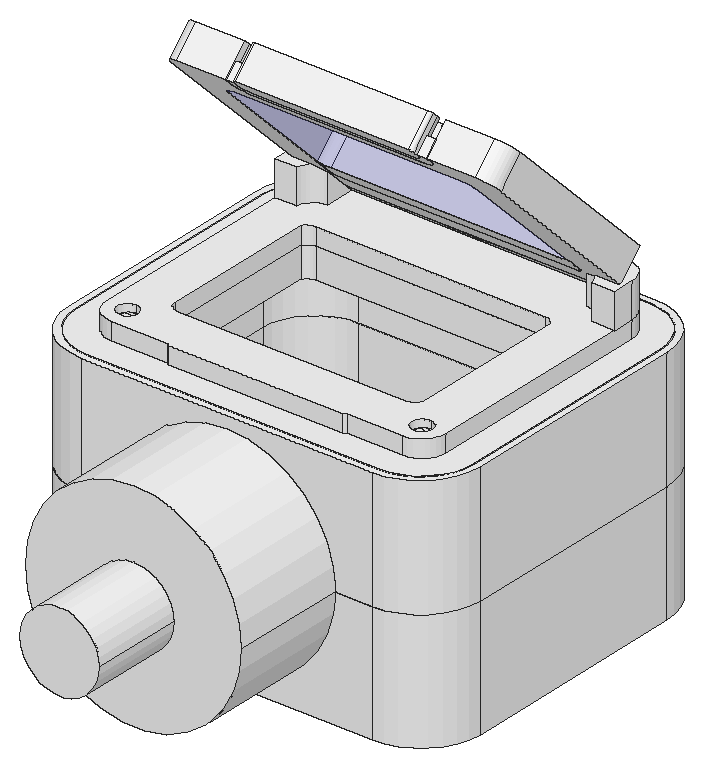
Revit family "Domotics-SerieCivili-GEWISS-27COMBI_SYSTEM-IP55_TESTA_PALO", category Apparecchi elettrici, host Superficie, Revit 2016 (continued)
Definition of nested family "SYSTEM CONTENITORI IP55 3P TESTAPALO_BASE"
  Automatic sketch dimensions
    curve 317 to curve 261 = 1.5 mm
    curve 261 to curve 263 = 5.7 mm
    curve 263 to curve 264 = 8.8 mm
    curve 233 to curve 284 = 42.67 mm
    curve 264 to curve 265 = 8.8 mm
    curve 265 to curve 266 = 8.8 mm
    curve 266 to curve 267 = 8.8 mm
    curve 267 to curve 259 = 5.7 mm
    curve 259 to curve 319 = 1.5 mm
    curve 259 to curve 255 = 2 mm
    curve 319 to curve 307 = 8.437 mm
    curve 314 to curve 308 = 0 mm
    curve 314 to curve 286 = 4.575 mm
    curve 307 to curve 296 = 5 mm
    curve 286 to curve 237 = 4.425 mm
    curve 237 to curve 238 = 0.029 mm
    curve 235 to curve 257 = 0.263 mm
    curve 238 to curve 247 = 0.235 mm
    curve 235 to curve 294 = 0.5 mm
    curve 294 to curve 297 = 0.263 mm
    curve 247 to curve 288 = 0.5 mm
    curve 294 to curve 292 = 3.7 mm
    curve 230 to curve 238 = 3.567 mm
    curve 285 to curve 284 = 2.9 mm
    curve 280 to curve 284 = 2.901 mm
    curve 282 to curve 281 = 2 mm
    curve 289 to curve 288 = 1.728 mm
    curve 290 to curve 288 = 1.276 mm
    curve 283 to curve 249 = 1.05 mm
    curve 241 to curve 232 = 1.067 mm
    curve 281 to curve 283 = 0.55 mm
    curve 237 to curve 290 = 0.607 mm
    curve 288 to curve 289 = 1.728 mm
    curve 232 to curve 282 = 1.331 mm
    curve 283 to curve 279 = 2.705 mm
    curve 290 to curve 286 = 1.176 mm
    curve 313 to curve 312 = 3 mm
    curve 282 to curve 278 = 4.833 mm
    curve 278 to curve 277 = 0.169 mm
    curve 277 to curve 278 = 0.029 mm
    curve 286 to curve 286 = 0.325 mm
    curve 286 to curve 291 = 0.15 mm
    curve 291 to curve 287 = 0.032 mm
    curve 308 to curve 308 = 3.5 mm
    curve 308 to curve 308 = 1.697 mm
    curve 310 to curve 311 = 1.697 mm
    curve 309 to curve 308 = 0.5 mm
    curve 302 to curve 304 = 0.5 mm
    curve 304 to curve 301 = 2.5 mm
    curve 273 to curve 272 = 1 mm
    curve 293 to curve 257 = 2.831 mm
    curve 293 to curve 298 = 1.331 mm
    curve 319 to curve 319 = 4.5 mm
    curve 271 to curve 275 = 1.701 mm
    curve 244 to curve 235 = 1.102 mm
    curve 276 to curve 251 = 0.821 mm
    curve 299 to curve 297 = 0.55 mm
    curve 241 to curve 242 = 0 mm  (x2)
    curve 235 to curve 299 = 0.881 mm
    curve 271 to curve 276 = 1.152 mm
    curve 274 to curve 275 = 1.631 mm
    curve 294 to curve 298 = 1.831 mm
    curve 296 to curve 296 = 1 mm
    curve 269 to curve 268 = 1 mm
    curve 319 to curve 300 = 2.012 mm
    curve 300 to curve 320 = 1.631 mm
    curve 268 to curve 316 = 1.631 mm
    curve 252 to curve 254 = 0.492 mm
    curve 242 to curve 234 = 3.65 mm
    curve 321 to curve 321 = 34.033 mm
    curve 323 to curve 323 = 26.967 mm
    curve 278 to curve 277 = 1.537 mm
    curve 283 to curve 281 = 2.1 mm
    curve 276 to curve 271 = 1.459 mm
    curve 275 to curve 271 = 1.019 mm
    curve 282 to curve 281 = 0.55 mm
    curve 232 to curve 282 = 0.313 mm
    curve 274 to curve 275 = 1.282 mm
    curve 251 to curve 276 = 1.223 mm
    curve 249 to curve 283 = 1.6 mm
    curve 304 to curve 302 = 1.15 mm
    curve 233 to curve 321 = 10.882 mm
    curve 262 to curve 252 = 0.138 mm
    curve 321 to curve 323 = 20.029 mm
    curve 323 to curve 325 = 23.179 mm
    curve 256 to curve 255 = 0.138 mm
    curve 325 to curve 326 = 20.029 mm
    curve 307 to curve 315 = 1.15 mm
    curve 299 to curve 235 = 1.337 mm
    curve 290 to curve 237 = 0.872 mm
    curve 289 to curve 288 = 1.314 mm
    curve 298 to curve 294 = 0.287 mm
    curve 294 to curve 298 = 0.813 mm
    curve 288 to curve 289 = 1.314 mm
    curve 288 to curve 290 = 1.636 mm
    curve 297 to curve 299 = 2.1 mm
    curve 291 to curve 287 = 2.063 mm
    curve 128 to curve 137 = 0 mm  (x3)
    curve 130 to curve 139 = 0 mm  (x3)
    curve 173 to curve 182 = 8.374 mm
    curve 176 to curve 183 = 0 mm
    curve 176 to curve 144 = 0.5 mm
    curve 183 to curve 142 = 0.5 mm
    curve 142 to curve 133 = 0.012 mm
    curve 144 to curve 135 = 0.127 mm
    curve 135 to curve 127 = 0.042 mm
    curve 133 to curve 132 = 0.157 mm
    curve 132 to curve 209 = 6.831 mm
    curve 207 to curve 174 = 0.152 mm
    curve 209 to curve 181 = 0.152 mm
    curve 209 to curve 203 = 8 mm
    curve 206 to curve 197 = 44 mm
    curve 197 to curve 168 = 5.169 mm
    curve 146 to curve 137 = 0.169 mm
    curve 152 to curve 139 = 0.169 mm
    curve 128 to curve 169 = 0.331 mm
    curve 152 to curve 192 = 0.5 mm
    curve 192 to curve 189 = 0.169 mm
    curve 169 to curve 166 = 0.169 mm
    curve 166 to curve 212 = 2.688 mm
    curve 189 to curve 214 = 2.688 mm
    curve 214 to curve 154 = 0.977 mm
    curve 212 to curve 156 = 0.977 mm
    curve 156 to curve 158 = 0.457 mm
    curve 158 to curve 160 = 0 mm
    curve 160 to curve 161 = 0 mm
    curve 154 to curve 162 = 0.457 mm
    curve 158 to curve 159 = 0 mm
    curve 148 to curve 179 = 718.664 mm
    curve 173 to curve 168 = 5.315 mm
    curve 166 to curve 169 = 0.263 mm
    curve 169 to curve 137 = 0.237 mm
    curve 176 to curve 127 = 0.237 mm
    curve 127 to curve 135 = 0.004 mm
    curve 135 to curve 144 = 0.259 mm
    curve 128 to curve 146 = 0.263 mm
    curve 146 to curve 164 = 3.737 mm
    curve 144 to curve 174 = 4.689 mm
    curve 174 to curve 206 = 4.048 mm
    curve 174 to curve 207 = 4.048 mm
    curve 164 to curve 148 = 13.463 mm
    curve 148 to curve 212 = 0.5 mm
    curve 212 to curve 156 = 1.5 mm
    curve 156 to curve 158 = 5.7 mm
    curve 158 to curve 159 = 8.8 mm
    curve 128 to curve 179 = 42.67 mm
    curve 159 to curve 160 = 8.8 mm
    curve 160 to curve 161 = 8.8 mm
    curve 161 to curve 162 = 8.8 mm
    curve 162 to curve 154 = 5.7 mm
    curve 154 to curve 214 = 1.5 mm
    curve 154 to curve 150 = 2 mm
    curve 214 to curve 202 = 8.437 mm
    curve 209 to curve 203 = 0 mm
    curve 209 to curve 181 = 4.575 mm
    curve 202 to curve 191 = 5 mm
    curve 181 to curve 132 = 4.425 mm
    curve 132 to curve 133 = 0.029 mm
    curve 130 to curve 152 = 0.263 mm
    curve 133 to curve 142 = 0.235 mm
    curve 130 to curve 189 = 0.5 mm
    curve 189 to curve 192 = 0.263 mm
    curve 142 to curve 183 = 0.5 mm
    curve 189 to curve 187 = 3.7 mm
    curve 125 to curve 133 = 3.567 mm
    curve 180 to curve 179 = 2.9 mm
    curve 175 to curve 179 = 2.901 mm
    curve 177 to curve 176 = 2 mm
    curve 184 to curve 183 = 1.728 mm
    curve 185 to curve 183 = 1.276 mm
    curve 178 to curve 144 = 1.05 mm
    curve 136 to curve 127 = 1.067 mm
    curve 176 to curve 178 = 0.55 mm
    curve 132 to curve 185 = 0.607 mm
    curve 183 to curve 184 = 1.728 mm
    curve 127 to curve 177 = 1.331 mm
    curve 178 to curve 174 = 2.705 mm
    curve 185 to curve 181 = 1.176 mm
    curve 208 to curve 207 = 3 mm
    curve 177 to curve 173 = 4.833 mm
    curve 173 to curve 172 = 0.169 mm
    curve 172 to curve 173 = 0.029 mm
    curve 181 to curve 181 = 0.325 mm
    curve 181 to curve 186 = 0.15 mm
    curve 186 to curve 182 = 0.032 mm
    curve 203 to curve 203 = 3.5 mm
    curve 203 to curve 203 = 1.697 mm
    curve 205 to curve 206 = 1.697 mm
    curve 204 to curve 203 = 0.5 mm
    curve 197 to curve 199 = 0.5 mm
    curve 199 to curve 196 = 2.5 mm
    curve 168 to curve 167 = 1 mm
    curve 188 to curve 152 = 2.831 mm
    curve 188 to curve 193 = 1.331 mm
    curve 214 to curve 214 = 4.5 mm
    curve 166 to curve 170 = 1.701 mm
    curve 139 to curve 130 = 1.102 mm
    curve 171 to curve 146 = 0.821 mm
    curve 194 to curve 192 = 0.55 mm
    curve 136 to curve 137 = 0 mm  (x2)
    curve 130 to curve 194 = 0.881 mm
    curve 166 to curve 171 = 1.152 mm
    curve 169 to curve 170 = 1.631 mm
    curve 189 to curve 193 = 1.831 mm
    curve 191 to curve 191 = 1 mm
    curve 164 to curve 163 = 1 mm
    curve 214 to curve 195 = 2.012 mm
    curve 195 to curve 215 = 1.631 mm
    curve 163 to curve 211 = 1.631 mm
    curve 147 to curve 149 = 0.492 mm
    curve 137 to curve 129 = 3.65 mm
    curve 224 to curve 224 = 34.033 mm
    curve 226 to curve 226 = 26.967 mm
    curve 173 to curve 172 = 1.537 mm
    curve 178 to curve 176 = 2.1 mm
    curve 171 to curve 166 = 1.459 mm
    curve 170 to curve 166 = 1.019 mm
    curve 177 to curve 176 = 0.55 mm
    curve 127 to curve 177 = 0.313 mm
    curve 169 to curve 170 = 1.282 mm
    curve 146 to curve 171 = 1.223 mm
    curve 144 to curve 178 = 1.6 mm
    curve 199 to curve 197 = 1.15 mm
    curve 128 to curve 224 = 10.882 mm
    curve 157 to curve 147 = 0.138 mm
    curve 224 to curve 226 = 20.029 mm
    curve 226 to curve 228 = 23.179 mm
    curve 151 to curve 150 = 0.138 mm
    curve 228 to curve 229 = 20.029 mm
    curve 202 to curve 210 = 1.15 mm
    curve 194 to curve 130 = 1.337 mm
    curve 185 to curve 132 = 0.872 mm
    curve 184 to curve 183 = 1.314 mm
    curve 193 to curve 189 = 0.287 mm
    curve 189 to curve 193 = 0.813 mm
    curve 183 to curve 184 = 1.314 mm
    curve 183 to curve 185 = 1.636 mm
    curve 192 to curve 194 = 2.1 mm
    curve 186 to curve 182 = 2.063 mm
    plane 4 to Extrusion 5 sketch curve = 7.985 mm
    plane 6 to Extrusion 5 sketch curve = 161.894 mm
    plane 10 "1" to Extrusion 6 sketch curve = 4.5 mm
    plane 4 to Extrusion 6 sketch curve = 23.5 mm
    plane 7 to Extrusion 14 sketch curve = 16.335 mm
    Extrusion 14 sketch curve to plane 3 "Centro (Sinistra/Destra)" = 26.037 mm
    plane 7 to Extrusion 18 sketch curve = 18.812 mm
    Extrusion 18 sketch curve to plane 3 "Centro (Sinistra/Destra)" = 29.037 mm
    plane 4 to Extrusion 26 sketch curve = 7.985 mm
    Extrusion 27 sketch curve to plane 5 = 26.5 mm
    plane 3 "Centro (Sinistra/Destra)" to Extrusion 29 sketch curve = 23.563 mm
    Extrusion 32 sketch curve to plane 3 "Centro (Sinistra/Destra)" = 24.537 mm
    radius of Extrusion 4 sketch curve = 3 mm  (x4)
    radius of Extrusion 9 sketch curve = 3 mm
    radius of Extrusion 11 sketch curve = 3 mm
    radius of Extrusion 12 sketch curve = 3 mm
    radius of Extrusion 43 sketch curve = 31.6 mm
    radius of Extrusion 44 sketch curve = 11.6 mm
    radius of curve 263 = 1 mm
    radius of curve 264 = 1 mm
    radius of curve 265 = 1 mm
    radius of curve 266 = 1 mm
    radius of curve 267 = 1 mm
    radius of curve 274 = 3 mm
    radius of curve 281 = 3 mm
    radius of curve 288 = 3 mm
    radius of curve 297 = 3 mm
    radius of curve 158 = 1 mm
    radius of curve 159 = 1 mm
    radius of curve 160 = 1 mm
    radius of curve 161 = 1 mm
    radius of curve 162 = 1 mm
    radius of curve 169 = 3 mm
    radius of curve 176 = 3 mm
    radius of curve 183 = 3 mm
    radius of curve 192 = 3 mm
